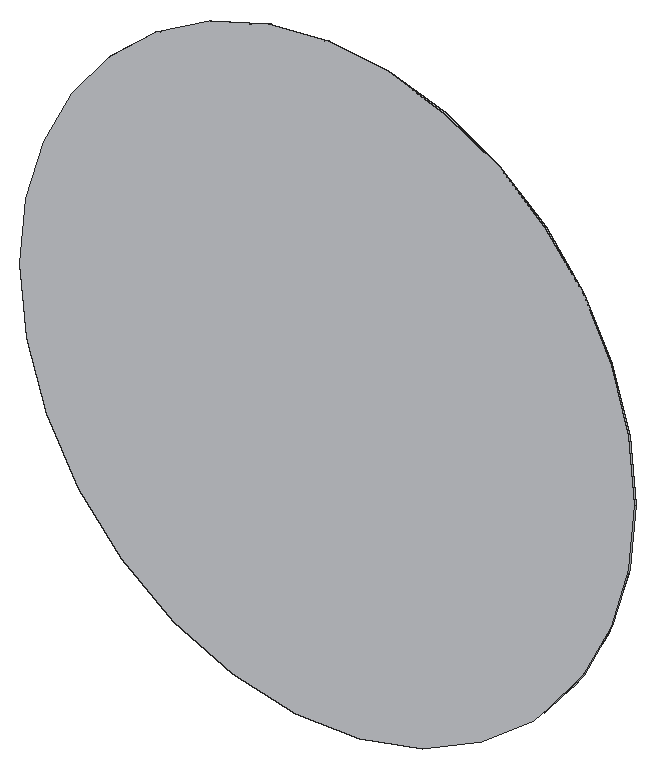
Revit family "GPC-ReceptorCaudal_AF", category Mechanical Equipment, Revit 2025
Family settings
  Round Connector Dimension = Use Diameter
  Classification = Pump
  Part Type = Normal
  OmniClass Number = 23.75.00.00
  OmniClass Title = Climate Control (HVAC)
  Work Plane-Based = Yes
  Always vertical = No
  Cut with Voids When Loaded = No
  Maintain Annotation Orientation = No
  Shared = No
  Room Calculation Point = No
Parameters (values of type "Standard")
  Radius [instance] = 1' - 7"
  Diameter [instance] = 2 * Radius  # 3' - 2"
  Default Elevation = 4' - 0"
  CWFU [instance] = 0 L/s
Types (2): name
  Standard
  Inicio_CapRoscadoGalvanizado
Reference planes (in)
  plane 1 "Center (Front/Back)": y = 0
  plane 2: z = 0
  plane 3 "Center (Left/Right)": x = 0
Forms (in)
  Extrusion 1, solid
    sketch origin (0, 0, 0) x (1, 0, 0) y (0, 0, 1)
      loop
        circle (0, 0) r 19
    from 0 to 0.03906
Dimensions and locks (in)
  "Radius": radius of Extrusion 1 sketch curve
  aligned and locked: level to plane 2
Automatic sketch dimensions
  Extrusion 1 sketch curve to level = 0' - 0"
  Extrusion 1 sketch curve to plane 3 "Center (Left/Right)" = 0' - 0"
Connectors (in)
  piping at (0, -0.03906, 0), diameter 38, driven by "Diameter", driven by "CWFU"
    settings: on Extrusion 1, index 1, connector inside diameter 24", connector length 0' - 0", flow factor 0, pipe flow 0 L/s, pressure drop 0.00 psi, fitting loss kfactor 0, connector angle 0.00°, fixture units 0, engagement length 0' - 0", angle of deflection 0.00°, flow configuration 0, flow direction 2, fitting loss method 0, system type 20, joint type 0, gender type 0, connector reference index -1, connector utility 0, adjustable connector no, is connector primary yes, connector description ""
